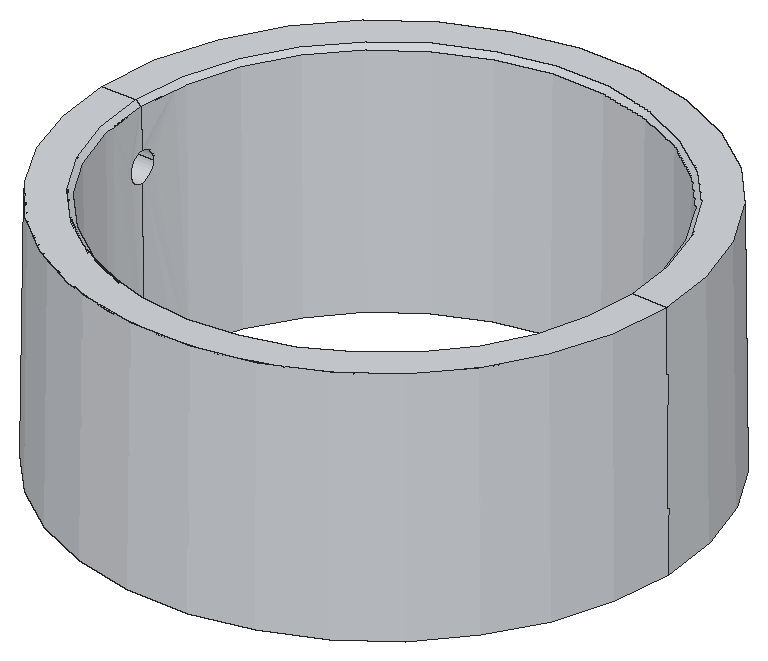
Revit family "Кольцо 1000х490 без замка КС 10.5", category Обобщенные модели, Revit 2023
Family settings
  Может служить основой для арматурных стержней = Нет
  Размер круглого соединителя = Использовать диаметр
  Тип детали = Нормальный
  На основе рабочей плоскости = Нет
  Всегда вертикально = Да
  При загрузке вырезать с полостями = Нет
  Сохранять ориентацию аннотаций = Нет
  Общий = Нет
  Точка принадлежности помещению = Нет
Parameters (values of type "Кольцо 1000х490 без замка КС 10.5")
  фаска = 10 mm
  толщ_на_h2_расч = (t1 - t2) / 2 * (h1 + h2) / ADSK_Размер_Высота + 10 mm  # 16.888 mm
  толщ_на_h1_расч = (t1 - t2) / 2 * h1 / ADSK_Размер_Высота + 10 mm  # 13.776 mm
  сужение_низ = 5 mm
  вырез2 = no
  вырез1 = yes
  Отметка по умолчанию = 0 mm
  t2 = 80 mm
  t1 = 90 mm
  h2 = 305 mm
  h1 = 370 mm
  ADSK_Размер_Диаметр = 1000 mm
  ADSK_Размер_Высота = 490 mm
  ADSK_Масса = 358
Reference planes
  plane 1 "По центру (Вперед/Назад)": y = 0
  plane 2: z = 0
  plane 3 "По центру (Влево/Вправо)": x = 0
  plane 4: x = 500
  plane 5: x = -500
  plane 6: y = 500
  plane 7: y = -500
  plane 8: z = 490
  plane 9: x = -585
  plane 10: x = 585
  plane 11: y = 585
  plane 12: y = -585
  plane 13: y = 580
  plane 14: y = -580
  plane 15: x = -580
  plane 16: x = 580
  plane 17: z = 370
  plane 18: z = 675
  plane 19: y = 495
  plane 20: y = -495
  plane 21: x = -495
  plane 22: x = 495
  plane 23: x = -568.112
  plane 24: x = -571.224
  plane 25: x = 568.112
  plane 26: x = 571.224
  plane 27: x = -510
  plane 28: z = 480
Forms (mm)
  Extrusion 1, void, detail levels medium+fine
    sketch origin (0, 0, 0) x (0, -1, 0) y (0, 0, 1)
      loop
        circle (0, 370) r 30
    from -571.224 to 571.224
  Revolve 2, solid
    sketch origin (0, 0, 0) x (1, 0, 0) y (0, 0, 1)
      loop
        line (-585, 0) -> (-495, 0) -> (-500, 480) -> (-510, 490) -> (-580, 490) -> (-585, 0)
      axis (0, 490) -> (0, 0)
    angle from 0 to 360
Cuts and joins
  Extrusion 1 cuts Revolve 2
Dimensions and locks
  equal spacing: plane 5, plane 3 "По центру (Влево/Вправо)", plane 4
  equal spacing: plane 7, plane 1 "По центру (Вперед/Назад)", plane 6
  "ADSK_Размер_Диаметр": plane 5 to plane 4
  "ADSK_Размер_Диаметр": plane 7 to plane 6
  "t1": plane 9 to plane 21
  "t1": plane 22 to plane 10
  "t2": plane 6 to plane 13
  "t2": plane 14 to plane 7
  "t2": plane 15 to plane 5
  "t2": plane 4 to plane 16
  "h1": plane 17 to level
  "h2": plane 18 to plane 17
  "ADSK_Размер_Высота": plane 8 to level
  "сужение_низ": plane 5 to plane 21
  "сужение_низ": plane 22 to plane 4
  "сужение_низ": plane 19 to plane 6
  "сужение_низ": plane 7 to plane 20
  "t1": plane 12 to plane 20
  "t1": plane 19 to plane 11
  "толщ_на_h2_расч": plane 23 to plane 9
  "толщ_на_h1_расч": plane 24 to plane 9
  "толщ_на_h2_расч": plane 10 to plane 25
  "толщ_на_h1_расч": plane 10 to plane 26
  "фаска": plane 8 to plane 28
  "фаска": plane 5 to plane 27
  aligned and locked: level to plane 2
  aligned and locked: Extrusion 1 to plane 24
  aligned and locked: plane 26 to Extrusion 1
Automatic sketch dimensions
  Extrusion 1 sketch curve to plane 1 "По центру (Вперед/Назад)" = 0 mm
  Extrusion 1 sketch curve to plane 17 = 0 mm
  Revolve 2 sketch curve to level = 0 mm
  Revolve 2 sketch curve to plane 9 = 0 mm
  Revolve 2 sketch curve to plane 8 = 0 mm
  Revolve 2 sketch curve to plane 15 = 0 mm
  Revolve 2 sketch curve to plane 27 = 0 mm
  Revolve 2 sketch curve to plane 5 = 0 mm
  Revolve 2 sketch curve to plane 21 = 0 mm
  Revolve 2 sketch curve to plane 28 = 0 mm
  radius of Extrusion 1 sketch curve = 30 mm
